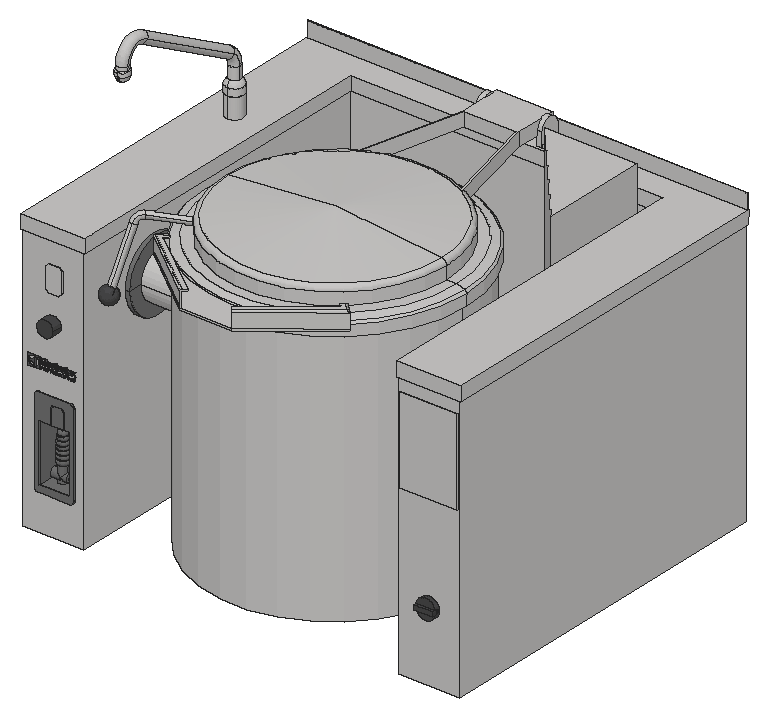
Revit family "QF_ELECTROLUXPROFESSIONAL_586939_PBOT06GLCS", category Specialty Equipment, Revit 2018 (continued)
Automatic sketch dimensions
  Extrusion 25 sketch curve to Extrusion 25 sketch curve = 0.93 mm
  Extrusion 25 sketch curve to Extrusion 25 sketch curve = 0.155 mm  (x2)
  Extrusion 25 sketch curve to Extrusion 25 sketch curve = 0.996 mm
  Extrusion 25 sketch curve to Extrusion 25 sketch curve = 0.297 mm  (x2)
  Extrusion 25 sketch curve to Extrusion 25 sketch curve = 2.359 mm
  Extrusion 25 sketch curve to Extrusion 25 sketch curve = 0.839 mm
  Extrusion 25 sketch curve to Extrusion 25 sketch curve = 0.892 mm  (x2)
  Extrusion 25 sketch curve to Extrusion 25 sketch curve = 0.563 mm
  Extrusion 25 sketch curve to Extrusion 25 sketch curve = 1.037 mm
  Extrusion 25 sketch curve to Extrusion 25 sketch curve = 0.531 mm  (x2)
  Extrusion 25 sketch curve to Extrusion 25 sketch curve = 0.068 mm  (x2)
  Extrusion 25 sketch curve to Extrusion 25 sketch curve = 0.203 mm
  Extrusion 25 sketch curve to Extrusion 25 sketch curve = 0.107 mm  (x2)
  Extrusion 25 sketch curve to Extrusion 25 sketch curve = 1.305 mm
  Extrusion 25 sketch curve to Extrusion 25 sketch curve = 1.058 mm
  Extrusion 25 sketch curve to Extrusion 25 sketch curve = 0.365 mm
  Extrusion 25 sketch curve to Extrusion 25 sketch curve = 0.15 mm  (x2)
  Extrusion 25 sketch curve to Extrusion 25 sketch curve = 0.475 mm
  Extrusion 25 sketch curve to Extrusion 25 sketch curve = 0.292 mm
  Extrusion 25 sketch curve to Extrusion 25 sketch curve = 0.434 mm  (x2)
  Extrusion 25 sketch curve to Extrusion 25 sketch curve = 0.385 mm  (x2)
  Extrusion 25 sketch curve to Extrusion 25 sketch curve = 2.117 mm
  Extrusion 25 sketch curve to Extrusion 25 sketch curve = 0.295 mm  (x2)
  Extrusion 25 sketch curve to Extrusion 25 sketch curve = 0.968 mm
  Extrusion 25 sketch curve to Extrusion 25 sketch curve = 3.826 mm
  Extrusion 25 sketch curve to Extrusion 25 sketch curve = 1.018 mm  (x2)
  Extrusion 25 sketch curve to Extrusion 25 sketch curve = 4.718 mm
  Extrusion 25 sketch curve to Extrusion 25 sketch curve = 2.967 mm
  Extrusion 25 sketch curve to Extrusion 25 sketch curve = 1.662 mm
  Extrusion 25 sketch curve to Extrusion 25 sketch curve = 1.626 mm  (x3)
  Extrusion 25 sketch curve to Extrusion 25 sketch curve = 1.65 mm
  Extrusion 25 sketch curve to Extrusion 25 sketch curve = 1.192 mm
  Extrusion 25 sketch curve to Extrusion 25 sketch curve = 2.57 mm  (x2)
  Extrusion 25 sketch curve to Extrusion 25 sketch curve = 3.444 mm  (x2)
  Extrusion 25 sketch curve to Extrusion 25 sketch curve = 1.343 mm  (x2)
  Extrusion 25 sketch curve to Extrusion 25 sketch curve = 1.353 mm  (x2)
  Extrusion 25 sketch curve to Extrusion 25 sketch curve = 0.027 mm  (x2)
  Extrusion 25 sketch curve to Extrusion 25 sketch curve = 0.395 mm  (x2)
  Extrusion 25 sketch curve to Extrusion 25 sketch curve = 0.329 mm  (x2)
  Extrusion 25 sketch curve to Extrusion 25 sketch curve = 0.425 mm  (x2)
  Extrusion 25 sketch curve to Extrusion 25 sketch curve = 0.051 mm  (x2)
  Extrusion 25 sketch curve to Extrusion 25 sketch curve = 0.495 mm  (x2)
  Extrusion 25 sketch curve to Extrusion 25 sketch curve = 0.267 mm  (x2)
  Extrusion 25 sketch curve to Extrusion 25 sketch curve = 1.4 mm
  Extrusion 25 sketch curve to Extrusion 25 sketch curve = 5.233 mm
  Extrusion 25 sketch curve to Extrusion 25 sketch curve = 2.062 mm
  plane 3 "LEFT" to Extrusion 26 sketch curve = 43.4 mm
  Extrusion 26 sketch curve to Extrusion 26 sketch curve = 82 mm
  Extrusion 26 sketch curve to plane 20 = 78.939 mm
  Extrusion 26 sketch curve to Extrusion 26 sketch curve = 195 mm
  Extrusion 27 sketch curve to plane 6 "TOP" = 0 mm
  Extrusion 27 sketch curve to plane 1 "BACK" = 0 mm
  Extrusion 27 sketch curve to Extrusion 27 sketch curve = 2 mm
  Extrusion 27 sketch curve to Extrusion 27 sketch curve = 37.998 mm
  radius of curve 43 = 25 mm
  radius of Extrusion 4 sketch curve = 10 mm
  radius of Extrusion 15 sketch curve = 25 mm
  radius of Extrusion 17 sketch curve = 20 mm
  radius of Extrusion 20 sketch curve = 6.35 mm  (x2)
  radius of Extrusion 20 sketch curve = 12.7 mm
  radius of Extrusion 25 sketch curve = 2.453 mm
  radius of Extrusion 25 sketch curve = 1.557 mm
  radius of Extrusion 25 sketch curve = 1.468 mm
  radius of Extrusion 25 sketch curve = 2.451 mm
Nested families
  nested 1: "Electrolux_Handle" at (303.162, -662.405, 8.398) x (0.9205, 0.3907, 0) z (0, 0, 1), type "Family1"
  nested 2: "QF_ELECTROLUXPROFESSIONAL_RubSprint" at (80, -230.346, 900), type "QF_ELECTROLUXPROFESSIONAL_RubSprint"
  nested 3: "QF_ELECTROLUXPROFESSIONAL_SprayGun" at (80.4, -737, 291.944), type "QF_ELECTROLUXPROFESSIONAL_SprayGun"
Connectors
  piping at (110.571, 100, 395), diameter 12.7
    settings: on Extrusion 20, index 1, connector inside diameter 1/2", connector length 0 mm, flow factor 0, pipe flow 0 GPM, pressure drop 0.00 psi, fitting loss kfactor 0, connector angle 0.00°, fixture units 0, engagement length 0 mm, angle of deflection 0.00°, flow configuration 1, flow direction 1, fitting loss method 0, system type 20, joint type 0, gender type 0, connector reference index -1, connector utility 0, adjustable connector no, is connector primary yes, connector description "Cold Water Supply"
  piping at (50, 100, 395), diameter 12.7
    settings: on Extrusion 20, index 2, connector inside diameter 1/2", connector length 0 mm, flow factor 0, pipe flow 0 GPM, pressure drop 0.00 psi, fitting loss kfactor 0, connector angle 0.00°, fixture units 0, engagement length 0 mm, angle of deflection 0.00°, flow configuration 1, flow direction 1, fitting loss method 0, system type 19, joint type 0, gender type 0, connector reference index -1, connector utility 0, adjustable connector no, is connector primary no, connector description "Hot Water Supply"
  electrical at (1020, 100, 450), driven by "Volts"
    settings: on Extrusion 4, index 3, voltage 230 V, apparent load 300 VA, apparent load phase1 0 VA, apparent load phase2 0 VA, apparent load phase3 0 VA, power factor 1, load classification "Other", number of poles 1, system type 30, power factor state 1, is connector primary yes, connector utility no, sub classification motor no, connector description "Electrical Connection"
  piping at (80.257, 100, 345), diameter 25.4
    settings: on Extrusion 20, index 4, connector inside diameter 1", connector length 0 mm, flow factor 0, pipe flow 0 GPM, pressure drop 0.00 psi, fitting loss kfactor 0, connector angle 0.00°, fixture units 0, engagement length 0 mm, angle of deflection 0.00°, flow configuration 1, flow direction 1, fitting loss method 0, system type 7, joint type 0, gender type 0, connector reference index -1, connector utility 0, adjustable connector no, is connector primary no, connector description "Gas Connection"
Definition of nested family "Electrolux_Handle"
  Parameters
    Assembly Code = ""
  Reference planes
    plane 1 "Center (Front/Back)": y = 0
    plane 2: z = 0
    plane 3 "Center (Left/Right)": x = 0
  Forms (mm)
    Sweep 1, solid
      path origin (0, -272.67, 40.751) x (1, 0, 0) y (0, 0.292372, 0.956305)
        loop
          line (16.511, 924.614) -> (-78.489, 924.614)
          arc (-78.489, 924.614) -> (-94.127, 919.229) -> (-103.135, 905.359) r 25.4
          line (-103.135, 905.359) -> (-140.724, 754.597)
      profile origin (-30.989, -2.339, 924.963) x (0, -0.292372, -0.956305) y (0, -0.956305, 0.292372)
        loop
          circle (0, 0) r 8
    Revolve 2, solid
      sketch origin (0, -272.67, 40.751) x (1, 0, 0) y (0, 0.292372, 0.956305)
        loop
          arc (-160.764, 759.594) -> (-145.72, 734.557) -> (-120.683, 749.601) r 20.654
          line (-120.683, 749.601) -> (-160.764, 759.594)
        axis (-120.683, 749.601) -> (-160.764, 759.594)
      angle from 0 to 360
  Lines and regions (mm)
    symbolic lines
      curve 1: line (16.511, 5.661, 0) -> (-87.322, 5.661, 0)
      curve 2: line (16.511, -9.989, 0) -> (-86.193, -9.989, 0)
      curve 3: line (-133.697, -56.773, 0) -> (-97.513, -15.149, 0)
      curve 4: line (-146.568, -45.584, 0) -> (-111.666, -5.433, 0)
      curve 5: arc (-135.59, -32.955, 0) -> (-154.333, -67.194, 0) -> (-122.78, -44.215, 0) r 20
      curve 6: arc (-146.568, -45.584, 0) -> (-145.727, -57.614, 0) -> (-133.697, -56.773, 0) r 8.527
      curve 7: arc (-87.322, 5.661, 0) -> (-100.698, 2.757, 0) -> (-111.666, -5.433, 0) r 32.256
      curve 8: arc (-86.193, -9.989, 0) -> (-92.413, -11.34, 0) -> (-97.513, -15.149, 0) r 15
  Dimensions and locks
    aligned and locked: level to plane 2
    aligned and locked: Revolve 2 sketch curve to Sweep 1  (x2)
    aligned and locked: curve 1 to Sweep 1
    aligned and locked: Sweep 1 to curve 2
Definition of nested family "QF_ELECTROLUXPROFESSIONAL_RubSprint"
  Reference planes
    plane 1 "Center (Front/Back)": y = 0
    plane 2: z = 0
    plane 3 "Center (Left/Right)": x = 0
  Forms (mm)
    Revolve 1, solid
      sketch origin (0, 0, 0) x (0, 1, 0) y (0, 0, 1)
        loop
          line (-21, 0) -> (0, 0) -> (0, 82.75) -> (-14.385, 82.75)
          arc (-14.385, 82.75) -> (-19.409, 76.68) -> (-22.385, 69.383) r 26
          line (-22.385, 69.383) -> (-22.385, 51.306) -> (-21, 50.388) -> (-21, 0)
        axis (0, 82.75) -> (0, 0)
      angle from 0 to 360
    Sweep 2, solid
      path origin (0, 0, 0) x (0, 1, 0) y (0, 0, 1)
        loop
          line (0, 82.75) -> (0, 113.75)
          arc (0, 113.75) -> (-5.44, 133.889) -> (-20.279, 148.551) r 40
          line (-20.279, 148.551) -> (-290.279, 301.55)
          arc (-290.279, 301.55) -> (-330.139, 301.31) -> (-349.999, 266.749) r 40
          line (-349.999, 266.749) -> (-349.999, 257.884)
      profile origin (0, 0, 98.25) x (0, -1, 0) y (1, 0, 0)
        loop
          circle (0, 0) r 13.5
    Revolve 3, solid
      sketch origin (0, 0, 0) x (0, 1, 0) y (0, 0, 1)
        loop
          line (-333.717, 244.264) -> (-333.717, 254.236)
          arc (-333.717, 254.236) -> (-334.434, 255.758) -> (-335.779, 256.77) r 3.5
          line (-335.779, 256.77) -> (-336.499, 257.884) -> (-349.999, 257.884) -> (-349.999, 233.05) -> (-339.2, 233.05)
          arc (-339.2, 233.05) -> (-338.052, 233.411) -> (-337.32, 234.365) r 2
          line (-337.32, 234.365) -> (-333.717, 244.264)
        axis (-349.999, 257.884) -> (-349.999, 233.05)
      angle from 0 to 360
  Lines and regions (mm)
    symbolic lines
      curve 1: arc (-13.5, -17.856, 0) -> (0, 22.385, 0) -> (13.5, -17.856, 0) r 22.385
      curve 2: arc (-13.5, 0, 0) -> (0, 13.5, 0) -> (13.5, 0, 0) r 13.5
      curve 3: arc (-13.5, -349.999, 0) -> (0, -363.499, 0) -> (13.5, -349.999, 0) r 13.5
      curve 4: arc (-13.5, -340.897, 0) -> (0, -366.281, 0) -> (13.5, -340.897, 0) r 16.282
      curve 5: line (13.5, -349.999, 0) -> (13.5, 0, 0)
      curve 6: line (-13.5, -349.999, 0) -> (-13.5, 0, 0)
  Dimensions and locks
    aligned and locked: level to plane 2
Definition of nested family "QF_ELECTROLUXPROFESSIONAL_SprayGun"
  Reference planes
    plane 1 "Center (Front/Back)": y = 0
    plane 2: z = 0
    plane 3 "SGy": x = 13
    plane 4 "AxeZ": y = -45
    plane 5 "Center (Left/Right)": x = 4
    plane 6 "Center (Top/Right)": z = 112.5
  Forms (mm)
    Revolve 1, solid
      sketch origin (0, -45, 0) x (0, 0, 1) y (-1, 0, 0)
        loop
          line (73.98, -1.423) -> (33.98, -1.423) -> (33.98, -13) -> (151.7, -13) -> (151.7, -4.362)
          arc (151.7, -4.362) -> (147.093, -1.396) -> (141.64, -1.926) r 8.345
          arc (141.64, -1.926) -> (140.226, -2.024) -> (139.103, -1.16) r 2
          arc (139.103, -1.16) -> (138.832, -0.814) -> (138.493, -0.536) r 2
          arc (138.493, -0.536) -> (134.77, 0.557) -> (131.061, -0.581) r 6.745
          arc (131.061, -0.581) -> (129.812, -0.914) -> (128.62, -0.414) r 2
          arc (128.62, -0.414) -> (124.347, 1.338) -> (119.917, 0.035) r 6.972
          arc (119.917, 0.035) -> (118.79, -0.341) -> (117.648, -0.011) r 2
          arc (117.648, -0.011) -> (113.81, 1.188) -> (109.921, 0.166) r 7.275
          arc (109.921, 0.166) -> (108.725, -0.109) -> (107.594, 0.367) r 2
          arc (107.594, 0.367) -> (103.55, 1.928) -> (99.427, 0.587) r 6.475
          arc (99.427, 0.587) -> (98.262, 0.173) -> (97.076, 0.524) r 2
          arc (97.076, 0.524) -> (92.711, 1.941) -> (88.277, 0.758) r 8.094
          arc (88.277, 0.758) -> (87.212, 0.464) -> (86.153, 0.781) r 2
          arc (86.153, 0.781) -> (79.633, 2.075) -> (73.98, -1.423) r 9.075
        axis (151.7, -13) -> (33.98, -13)
      angle from 0 to 360
    Revolve 2, solid
      sketch origin (0, -45, 0) x (0, 0, 1) y (-1, 0, 0)
        loop
          line (47.58, 11.558) -> (40.98, 11.558) -> (40.98, 9.577) -> (35.98, 9.577) -> (35.98, -30.423) -> (40.98, -30.423) -> (40.98, -35.423) -> (47.58, -35.423) -> (47.58, 11.558)
        axis (47.58, 11.558) -> (47.58, -35.423)
      angle from 0 to 360
    Extrusion 3, solid
      sketch origin (0, -45, 0) x (1, 0, 0) y (0, 1, 0)
        loop
          line (21.638, 0) -> (17.319, 7.481) -> (8.681, 7.481) -> (4.362, 0) -> (8.681, -7.481) -> (17.319, -7.481) -> (21.638, 0)
      from 151.7 to 160.974
    Extrusion 4, solid
      sketch origin (0, 0, 0) x (1, 0, 0) y (0, 0, 1)
        loop
          arc (-45, 10) -> (-42.071, 2.929) -> (-35, 0) r 10
          line (-35, 0) -> (43, 0)
          arc (43, 0) -> (50.071, 2.929) -> (53, 10) r 10
          line (53, 10) -> (53, 215)
          arc (53, 215) -> (50.071, 222.071) -> (43, 225) r 10
          line (43, 225) -> (-35, 225)
          arc (-35, 225) -> (-42.071, 222.071) -> (-45, 215) r 10
          line (-45, 215) -> (-45, 10)
        loop
          line (-35, 162) -> (-35, 16) -> (43, 16) -> (43, 162) -> (29, 162) -> (29, 199)
          arc (29, 199) -> (26.657, 204.657) -> (21, 207) r 8
          line (21, 207) -> (5, 207)
          arc (5, 207) -> (-0.657, 204.657) -> (-3, 199) r 8
          line (-3, 199) -> (-3, 162) -> (-35, 162)
      from 63 to 60
    Extrusion 5, solid
      sketch origin (0, 0, 0) x (1, 0, 0) y (0, 0, 1)
        loop
          line (-35, 16) -> (43, 16) -> (43, 162) -> (29, 162) -> (29, 199)
          arc (29, 199) -> (26.657, 204.657) -> (21, 207) r 8
          line (21, 207) -> (5, 207)
          arc (5, 207) -> (-0.657, 204.657) -> (-3, 199) r 8
          line (-3, 199) -> (-3, 162) -> (-35, 162) -> (-35, 16)
        loop
          line (31, 164) -> (31, 199)
          arc (31, 199) -> (28.071, 206.071) -> (21, 209) r 10
          line (21, 209) -> (5, 209)
          arc (5, 209) -> (-2.071, 206.071) -> (-5, 199) r 10
          line (-5, 199) -> (-5, 164) -> (-37, 164) -> (-37, 14) -> (45, 14) -> (45, 164) -> (31, 164)
      from 0 to 60
    Extrusion 6, solid
      sketch origin (0, 0, 0) x (1, 0, 0) y (0, 0, 1)
        loop
          line (-37, 164) -> (-37, 14) -> (45, 14) -> (45, 164) -> (-37, 164)
      from 6 to 0
    Extrusion 7, solid
      sketch origin (0, 0, 0) x (1, 0, 0) y (0, 0, 1)
        loop
          line (28, 160.974) -> (28, 198)
          arc (28, 198) -> (25.657, 203.657) -> (20, 206) r 8
          line (20, 206) -> (6, 206)
          arc (6, 206) -> (0.343, 203.657) -> (-2, 198) r 8
          line (-2, 198) -> (-2, 160.974) -> (28, 160.974)
      from 0 to 63
  Dimensions and locks
    equal spacing: Extrusion 4, plane 5 "Center (Left/Right)", Extrusion 4
    Extrusion 4 to Extrusion 4 = 225 mm
    Extrusion 4 to Extrusion 4 = 98 mm
    aligned and locked: level to plane 2
  Automatic sketch dimensions
    plane 3 "SGy" to Revolve 1 sketch curve = 0 mm  (x2)
    plane 5 "Center (Left/Right)" to Revolve 1 sketch curve = 2.577 mm
    level to Revolve 1 sketch curve = 33.98 mm
    Revolve 1 sketch curve to Revolve 1 sketch curve = 40 mm
    Revolve 1 sketch curve to plane 5 "Center (Left/Right)" = 2.854 mm
    Revolve 1 sketch curve to Revolve 1 sketch curve = 7.27 mm
    Revolve 1 sketch curve to Revolve 1 sketch curve = 5.984 mm
    Revolve 1 sketch curve to plane 5 "Center (Left/Right)" = 2.15 mm
    Revolve 1 sketch curve to Revolve 1 sketch curve = 5.262 mm
    Revolve 1 sketch curve to Revolve 1 sketch curve = 5.712 mm
    Revolve 1 sketch curve to plane 5 "Center (Left/Right)" = 0.545 mm
    Revolve 1 sketch curve to Revolve 1 sketch curve = 5.167 mm
    Revolve 1 sketch curve to Revolve 1 sketch curve = 5.522 mm
    Revolve 1 sketch curve to plane 5 "Center (Left/Right)" = 2.085 mm
    Revolve 1 sketch curve to Revolve 1 sketch curve = 4.746 mm
    Revolve 1 sketch curve to Revolve 1 sketch curve = 5.106 mm
    Revolve 1 sketch curve to plane 5 "Center (Left/Right)" = 1.624 mm
    Revolve 1 sketch curve to Revolve 1 sketch curve = 5.239 mm
    Revolve 1 sketch curve to Revolve 1 sketch curve = 5.96 mm
    Revolve 1 sketch curve to plane 5 "Center (Left/Right)" = 2.187 mm
    Revolve 1 sketch curve to Revolve 1 sketch curve = 4.862 mm
    plane 5 "Center (Left/Right)" to Revolve 1 sketch curve = 1.788 mm
    Revolve 1 sketch curve to Revolve 1 sketch curve = 2.59 mm
    Revolve 1 sketch curve to Revolve 1 sketch curve = 3.403 mm
    plane 3 "SGy" to Revolve 1 sketch curve = 3.493 mm
    Revolve 1 sketch curve to Revolve 1 sketch curve = 4.325 mm
    Revolve 1 sketch curve to Revolve 1 sketch curve = 6.57 mm
    Revolve 1 sketch curve to plane 5 "Center (Left/Right)" = 0.362 mm
    plane 5 "Center (Left/Right)" to Revolve 1 sketch curve = 3.891 mm
    plane 5 "Center (Left/Right)" to Revolve 1 sketch curve = 5.081 mm
    plane 5 "Center (Left/Right)" to Revolve 1 sketch curve = 5.658 mm
    plane 5 "Center (Left/Right)" to Revolve 1 sketch curve = 5.884 mm
    plane 5 "Center (Left/Right)" to Revolve 1 sketch curve = 6.173 mm
    plane 5 "Center (Left/Right)" to Revolve 1 sketch curve = 6.464 mm
    Revolve 1 sketch curve to Revolve 1 sketch curve = 7.72 mm
    Revolve 1 sketch curve to Revolve 1 sketch curve = 0 mm  (x12)
    Revolve 1 sketch curve to Revolve 1 sketch curve = 1.57 mm
    Revolve 2 sketch curve to plane 3 "SGy" = 17.423 mm
    level to Revolve 2 sketch curve = 35.98 mm
    Revolve 2 sketch curve to Revolve 2 sketch curve = 5 mm  (x3)
    Revolve 2 sketch curve to Revolve 2 sketch curve = 6.6 mm
    plane 5 "Center (Left/Right)" to Revolve 2 sketch curve = 13.577 mm
    Revolve 2 sketch curve to Revolve 2 sketch curve = 1.981 mm
    Revolve 2 sketch curve to Revolve 2 sketch curve = 0 mm  (x2)
    Revolve 2 sketch curve to Revolve 2 sketch curve = 4.326 mm
    plane 4 "AxeZ" to Extrusion 3 sketch curve = 0 mm  (x2)
    Extrusion 3 sketch curve to plane 5 "Center (Left/Right)" = 0.362 mm
    plane 3 "SGy" to Extrusion 3 sketch curve = 4.319 mm  (x2)
    Extrusion 3 sketch curve to plane 3 "SGy" = 4.319 mm  (x2)
    Extrusion 3 sketch curve to Extrusion 3 sketch curve = 4.319 mm
    plane 4 "AxeZ" to Extrusion 3 sketch curve = 7.481 mm
    Extrusion 3 sketch curve to plane 4 "AxeZ" = 7.481 mm
    Extrusion 4 sketch curve to level = 0 mm
    level to Extrusion 4 sketch curve = 10 mm
    plane 5 "Center (Left/Right)" to Extrusion 4 sketch curve = 49 mm
    Extrusion 4 sketch curve to Extrusion 4 sketch curve = 10 mm  (x2)
    Extrusion 4 sketch curve to Extrusion 4 sketch curve = 0 mm  (x3)
    plane 5 "Center (Left/Right)" to Extrusion 4 sketch curve = 7 mm
    Extrusion 4 sketch curve to plane 5 "Center (Left/Right)" = 1 mm
    Extrusion 4 sketch curve to plane 3 "SGy" = 8 mm
    Extrusion 4 sketch curve to plane 3 "SGy" = 16 mm
    Extrusion 4 sketch curve to Extrusion 4 sketch curve = 14 mm  (x2)
    Extrusion 4 sketch curve to Extrusion 4 sketch curve = 6 mm
    Extrusion 4 sketch curve to Extrusion 4 sketch curve = 146 mm
    Extrusion 4 sketch curve to Extrusion 4 sketch curve = 37 mm
    Extrusion 4 sketch curve to Extrusion 4 sketch curve = 16 mm
    Extrusion 5 sketch curve to Extrusion 5 sketch curve = 0 mm  (x5)
    level to Extrusion 5 sketch curve = 14 mm
    plane 5 "Center (Left/Right)" to Extrusion 5 sketch curve = 41 mm
    Extrusion 5 sketch curve to Extrusion 5 sketch curve = 2 mm  (x6)
    plane 5 "Center (Left/Right)" to Extrusion 5 sketch curve = 9 mm
    Extrusion 5 sketch curve to plane 5 "Center (Left/Right)" = 1 mm
    Extrusion 5 sketch curve to plane 3 "SGy" = 8 mm
    Extrusion 5 sketch curve to Extrusion 5 sketch curve = 8 mm
    Extrusion 5 sketch curve to plane 3 "SGy" = 30 mm
    Extrusion 5 sketch curve to Extrusion 5 sketch curve = 146 mm
    Extrusion 5 sketch curve to Extrusion 5 sketch curve = 35 mm
    level to Extrusion 6 sketch curve = 14 mm
    plane 5 "Center (Left/Right)" to Extrusion 6 sketch curve = 41 mm
    Extrusion 6 sketch curve to plane 3 "SGy" = 32 mm
    Extrusion 6 sketch curve to Extrusion 6 sketch curve = 150 mm
    plane 5 "Center (Left/Right)" to Extrusion 7 sketch curve = 6 mm
    Extrusion 7 sketch curve to plane 5 "Center (Left/Right)" = 2 mm
    Extrusion 7 sketch curve to plane 3 "SGy" = 7 mm
    Extrusion 7 sketch curve to plane 3 "SGy" = 15 mm
    level to Extrusion 7 sketch curve = 160.974 mm
    Extrusion 7 sketch curve to Extrusion 7 sketch curve = 37.026 mm
